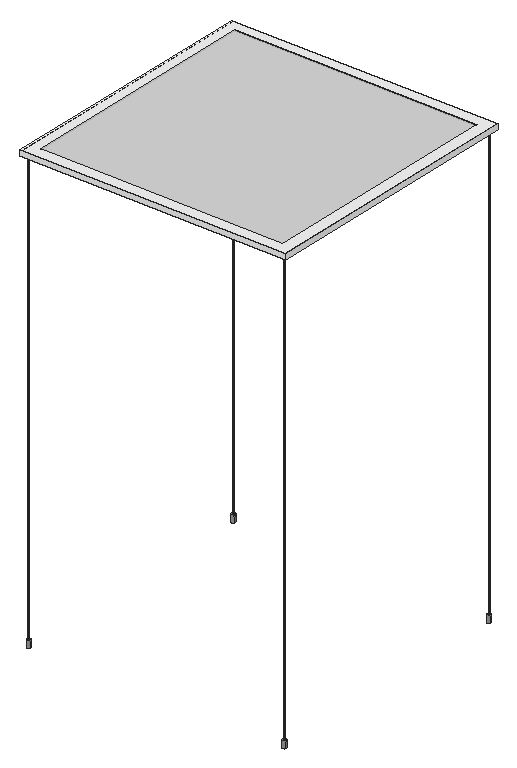
Revit family "0047441 Lighting Fixture_Sylvania_Start Flat Panel LED_Ceiling Pendant", category Lighting Fixtures, host Face, Revit 2016
Family settings
  Host = Face
  Part Type = Normal
  Round Connector Dimension = Use Diameter
  OmniClass Number = 23.80.70.11.17
  OmniClass Title = Specialized Lighting by Location or Use
  Cut with Voids When Loaded = No
  Light Source = Yes
  Shared = No
  Room Calculation Point = No
Parameters (values of type "Start Flat PanelLED 600 WW 3000K")
  Width = 595.0 mm
  Weight = 3.00 kg
  Wattage = 41.172 W
  built-in parameter 1150110 = 1 (stored number, unit not read)
  Voltage Comments = "UNV (Universal Voltage; 220-240 Volt)"  # constant formula
  Voltage = 230 V  # constant formula
  URL = ""
  built-in parameter 1114217 = 1 (stored number, unit not read)
  Tilt Angle = -90.00°
  built-in parameter 1150109 = 1 (stored number, unit not read)
  built-in parameter 1150134 = (empty or 0)
  Ta Rating = "-15°C to +45°C"  # constant formula
  built-in parameter 1150113 = 1 (stored number, unit not read)
  Product Page URL = ""
  Product Family = "STARTFLAT PANEL LED"  # constant formula
  Photometry Comments = ""
  Photometric Web File = "0047441_StartFlatPanelLED600WW3000K-191306.ies"
  Mounting Height = 1000.0 mm
  Life = "50 000h"  # constant formula
  Length = Width  # 595.0 mm
  LOR = "100 %"
  IP Rating = "IP20"  # constant formula
  Height = 10.5 mm
  Glow Wire Test = 650 °C  # constant formula
  Glare Control = "UGR <25"  # constant formula
  Energy Class = "A++, A+, A"  # constant formula
  Electrical Protection = "CLASS II"  # constant formula
  Drive Current = "1200mA"  # constant formula
  Diffuser Material = Polycarbonate_Sylvania_Startflat Panel LED_Opal
  Mounting Width = Width - 21.0 mm  # 574.0 mm
  Mounting Length = Length - 21.0 mm  # 574.0 mm
  built-in parameter 1114216 [instance] = 1 (stored number, unit not read)
  Model = "Start Flat PanelLED 600 WW 3000K"
  Manufacturer = "Feilo-Sylvania Group"
  built-in parameter 1150105 = 1271.7 (stored number, unit not read)
  Lumens = 3829 lm
  built-in parameter 1150115 = 1 (stored number, unit not read)
  built-in parameter 1150137 = (empty or 0)
  built-in parameter 1150139 = (empty or 0)
  built-in parameter 1150112 = 1 (stored number, unit not read)
  built-in parameter 1150114 = 1 (stored number, unit not read)
  Lamp = "Integrated LED"  # constant formula
  built-in parameter 1150132 = 2
  built-in parameter 1150102 = (empty or 0)
  built-in parameter 1150107 = 3000 (stored number, unit not read)
  built-in parameter 1150138 = (empty or 0)
  built-in parameter 1150106 = 12.717 (stored number, unit not read)
  CRI (Ra) = "84"  # constant formula
  Body Material = Metal_Sylvania_Startflat Panel LED_White
  Emit from Rectangle Width = Width - 50.0 mm  # 545.0 mm
  Emit from Rectangle Length = Length - 50.0 mm  # 545.0 mm
  Emit Shape Visible in Rendering = no
  built-in parameter 1150104 = 8.64 (stored number, unit not read)
  Dimming Lamp Color Temperature Shift = <None>
  Description = "Ultra thin LED Panel, excellent uniformity of light, perfect for ceilings with low voids, high efficacy.Ulta thin edgelit LED 600x600mm Panel with, excellent uniform light distribution. Acrylic PMMA diffuser optimising light output whilst reducing glare. 4239lm 93lm/W."  # constant formula
  Default Elevation = 0.0 mm
  Color Filter = 16777215
  Catalog Number = "0047441 Start Flat PanelLED 600 WW 3000K"
  built-in parameter 1140040 [instance] = 1
  built-in parameter 1114218 = 1 (stored number, unit not read)
  built-in parameter 1150133 = 10 (stored number, unit not read)
  Assembly Code = "D5020200"
  Apparent Load Comments = ""
  Apparent Load = 45.5 VA
  Mounting Material = Metal_Sylvania_Startflat Panel LED_Silver
Reference planes
  plane 1 "Center (Front/Back)": y = 0
  plane 2 "Fixture Top": z = 989.5
  plane 3 "Center (Left/Right)": x = 0
  plane 4: x = 295.5
  plane 5: x = -295.5
  plane 6 "Fixture Back": y = 297.5
  plane 7 "Fixture Front": y = -297.5
  plane 8 "Fixture Left": x = -297.5
  plane 9 "Fixture Right": x = 297.5
  plane 10: y = 295.5
  plane 11: y = -295.5
  plane 12: x = 272.5
  plane 13: x = -272.5
  plane 14: y = 272.5
  plane 15: y = -272.5
  plane 16 "Mounting Left": x = -287
  plane 17 "Mounting Right": x = 287
  plane 18 "Mounting Back": y = 287
  plane 19 "Mounting Front": y = -287
  plane 20 "Fixture Bottom": z = 1000
  plane 21: z = 998
  plane 22: z = 996
  plane 23: z = 0
  plane 24: z = 991.5
  plane 25: z = 15
Forms (mm)
  Extrusion 1, solid, material "Metal_Sylvania_Startflat Panel LED_White" <- "Body Material", detail levels fine
    sketch origin (0, 0, 60) x (-1, 0, 0) y (0, -1, 0)
      loop
        line (297.5, -297.5) -> (297.5, 297.5) -> (-297.5, 297.5) -> (-297.5, -297.5) -> (297.5, -297.5)
      loop
        line (272.5, -272.5) -> (272.5, 272.5) -> (-272.5, 272.5) -> (-272.5, -272.5) -> (272.5, -272.5)
    from 938 to 940
  Extrusion 2, solid, material "Metal_Sylvania_Startflat Panel LED_White" <- "Body Material", detail levels fine
    sketch origin (0, 0, 60) x (-1, 0, 0) y (0, -1, 0)
      loop
        line (297.5, -297.5) -> (297.5, 297.5) -> (-297.5, 297.5) -> (-297.5, -297.5) -> (297.5, -297.5)
      loop
        line (295.5, -295.5) -> (295.5, 295.5) -> (-295.5, 295.5) -> (-295.5, -295.5) -> (295.5, -295.5)
    from 929.5 to 938
  Extrusion 3, solid, material "Polycarbonate_Sylvania_Startflat Panel LED_Opal" <- "Diffuser Material", detail levels fine
    sketch origin (0, 0, 60) x (-1, 0, 0) y (0, -1, 0)
      loop
        line (295.5, -295.5) -> (295.5, 295.5) -> (-295.5, 295.5) -> (-295.5, -295.5) -> (295.5, -295.5)
    from 936 to 938
  Extrusion 4, solid, material "Metal_Sylvania_Startflat Panel LED_Silver" <- "Mounting Material", detail levels fine
    sketch origin (0, 0, 60) x (-1, 0, 0) y (0, -1, 0)
      loop
        circle (287, -287) r 1
      loop
        circle (-287, -287) r 1
      loop
        circle (-287, 287) r 1
      loop
        circle (287, 287) r 1
    from -45 to 929.5
  Extrusion 5, solid, material "Metal_Sylvania_Startflat Panel LED_White" <- "Body Material", detail levels fine
    sketch origin (0, 0, 60) x (-1, 0, 0) y (0, -1, 0)
      loop
        line (297.5, -297.5) -> (297.5, 297.5) -> (-297.5, 297.5) -> (-297.5, -297.5) -> (297.5, -297.5)
    from 929.5 to 931.5
  Extrusion 6, solid, material "Metal_Sylvania_Startflat Panel LED_White" <- "Body Material", detail levels coarse+medium
    sketch origin (0, 0, 60) x (-1, 0, 0) y (0, -1, 0)
      loop
        line (297.5, -297.5) -> (297.5, 297.5) -> (-297.5, 297.5) -> (-297.5, -297.5) -> (297.5, -297.5)
    from 929.5 to 940
  Extrusion 7, solid, material "Metal_Sylvania_Startflat Panel LED_Silver" <- "Mounting Material", detail levels fine
    sketch origin (0, 0, 60) x (-1, 0, 0) y (0, -1, 0)
      loop
        circle (287, 287) r 4
      loop
        circle (-287, 287) r 4
      loop
        circle (-287, -287) r 4
      loop
        circle (287, -287) r 4
    from -60 to -45
Cuts and joins
  joined: Extrusion 1, Extrusion 2, Extrusion 5
Lines and regions (mm)
  model lines, style "LightingFixtures", detail levels coarse+medium
    curve 1: line (-287, -287, 989.5) -> (-287, -287, 0)
  model lines, detail levels coarse+medium
    curve 2: line (287, -287, 989.5) -> (287, -287, 0)
    curve 3: line (287, 287, 989.5) -> (287, 287, 0)
    curve 4: line (-287, 287, 989.5) -> (-287, 287, 0)
Dimensions and locks
  equal spacing: plane 6 "Fixture Back", plane 1 "Center (Front/Back)", plane 7 "Fixture Front"
  "Width": plane 6 "Fixture Back" to plane 7 "Fixture Front"
  equal spacing: plane 8 "Fixture Left", plane 3 "Center (Left/Right)", plane 9 "Fixture Right"
  "Length": plane 8 "Fixture Left" to plane 9 "Fixture Right"
  locked: plane 8 "Fixture Left" to plane 5 at 2
  locked: plane 4 to plane 9 "Fixture Right" at 2
  locked: plane 6 "Fixture Back" to plane 10 at 2
  locked: plane 11 to plane 7 "Fixture Front" at 2
  locked: plane 12 to plane 9 "Fixture Right" at 25
  locked: plane 8 "Fixture Left" to plane 13 at 25
  locked: plane 6 "Fixture Back" to plane 14 at 25
  locked: plane 15 to plane 7 "Fixture Front" at 25
  equal spacing: plane 16 "Mounting Left", plane 3 "Center (Left/Right)", plane 17 "Mounting Right"
  "Mounting Length": plane 16 "Mounting Left" to plane 17 "Mounting Right"
  equal spacing: plane 18 "Mounting Back", plane 1 "Center (Front/Back)", plane 19 "Mounting Front"
  "Mounting Width": plane 18 "Mounting Back" to plane 19 "Mounting Front"
  "Height": plane 20 "Fixture Bottom" to plane 2 "Fixture Top"
  "Mounting Height": plane 20 "Fixture Bottom" to plane 23
  locked: plane 25 to plane 23 at 15
  plane 20 "Fixture Bottom" to plane 21 to plane 22 = 2.0 mm locked, 2.0 mm locked
  locked: plane 24 to plane 2 "Fixture Top" at 2
  aligned and locked: level to host face
  aligned and locked: imposter light to plane 1 "Center (Front/Back)"
  aligned and locked: Extrusion 1 sketch curve to plane 6 "Fixture Back"
  aligned and locked: plane 8 "Fixture Left" to Extrusion 1 sketch curve
  aligned and locked: plane 7 "Fixture Front" to Extrusion 1 sketch curve
  aligned and locked: Extrusion 1 sketch curve to plane 9 "Fixture Right"
  aligned and locked: Extrusion 1 sketch curve to plane 14
  aligned and locked: plane 13 to Extrusion 1 sketch curve
  aligned and locked: plane 15 to Extrusion 1 sketch curve
  aligned and locked: Extrusion 1 sketch curve to plane 12
  aligned and locked: Extrusion 2 sketch curve to Extrusion 1  (x4)
  aligned and locked: Extrusion 2 sketch curve to plane 10
  aligned and locked: plane 5 to Extrusion 2 sketch curve
  aligned and locked: plane 11 to Extrusion 2 sketch curve
  aligned and locked: Extrusion 2 sketch curve to plane 4
  aligned and locked: Extrusion 3 sketch curve to cut or joined group of Extrusion 1, Extrusion 2, Extrusion 5  (x4)
  aligned and locked: plane 20 "Fixture Bottom" to cut or joined group of Extrusion 1, Extrusion 2, Extrusion 5
  aligned and locked: cut or joined group of Extrusion 1, Extrusion 2, Extrusion 5 to plane 21
  aligned and locked: plane 21 to cut or joined group of Extrusion 1, Extrusion 2, Extrusion 5
  aligned and locked: cut or joined group of Extrusion 1, Extrusion 2, Extrusion 5 to plane 2 "Fixture Top"
  aligned and locked: plane 21 to Extrusion 3
  aligned and locked: Extrusion 3 to plane 22
  aligned and locked: plane 3 "Center (Left/Right)" to imposter light
  aligned and locked: plane 20 "Fixture Bottom" to imposter light
  aligned and locked: Extrusion 5 sketch curve to cut or joined group of Extrusion 1, Extrusion 2, Extrusion 5  (x4)
  aligned and locked: Extrusion 5 to plane 2 "Fixture Top"
  aligned and locked: plane 24 to Extrusion 5
  aligned and locked: plane 2 "Fixture Top" to Extrusion 4
  aligned and locked: Extrusion 6 sketch curve to cut or joined group of Extrusion 1, Extrusion 2, Extrusion 5  (x4)
  aligned and locked: Extrusion 6 to plane 2 "Fixture Top"
  aligned and locked: plane 20 "Fixture Bottom" to Extrusion 6
  aligned and locked: level to plane 23
  aligned and locked: Extrusion 7 to plane 23
  aligned and locked: plane 25 to Extrusion 7
  aligned and locked: Extrusion 4 to plane 25
  aligned and locked: plane 2 "Fixture Top" to curve 1
  aligned and locked: plane 23 to curve 1
  aligned and locked: curve 1 to plane 16 "Mounting Left"
  aligned and locked: plane 2 "Fixture Top" to curve 2
  aligned and locked: plane 23 to curve 2
  aligned and locked: curve 2 to plane 17 "Mounting Right"
  aligned and locked: plane 2 "Fixture Top" to curve 3
  aligned and locked: plane 23 to curve 3
  aligned and locked: curve 3 to plane 17 "Mounting Right"
  aligned and locked: plane 23 to curve 4
  aligned and locked: plane 2 "Fixture Top" to curve 4
  aligned and locked: curve 4 to plane 16 "Mounting Left"
Automatic sketch dimensions
  host sketch curve to host sketch curve = 1461.012 mm
  host sketch curve to host sketch curve = 1283.632 mm
  Extrusion 4 sketch curve to plane 17 "Mounting Right" = 0.0 mm  (x2)
  Extrusion 4 sketch curve to plane 16 "Mounting Left" = 0.0 mm  (x2)
  Extrusion 4 sketch curve to plane 18 "Mounting Back" = 0.0 mm  (x2)
  Extrusion 4 sketch curve to plane 19 "Mounting Front" = 0.0 mm  (x2)
  Extrusion 7 sketch curve to plane 17 "Mounting Right" = 0.0 mm  (x2)
  Extrusion 7 sketch curve to plane 16 "Mounting Left" = 0.0 mm  (x2)
  Extrusion 7 sketch curve to plane 18 "Mounting Back" = 0.0 mm  (x2)
  Extrusion 7 sketch curve to plane 19 "Mounting Front" = 0.0 mm  (x2)
  radius of Extrusion 4 sketch curve = 1.0 mm  (x4)
  radius of Extrusion 7 sketch curve = 4.0 mm  (x4)
Connectors
  electrical at (0, 0, 989.5), driven by "Voltage", driven by "Apparent Load"
    settings: on cut or joined group of Extrusion 1, Extrusion 2, Extrusion 5, index 1, voltage 230 V, apparent load 0 VA, apparent load phase1 45.5 VA, apparent load phase2 0 VA, apparent load phase3 0 VA, power factor 1, load classification "Lighting", number of poles 1, system type 31, power factor state 1, is connector primary yes, connector utility no, sub classification motor no, connector description ""
